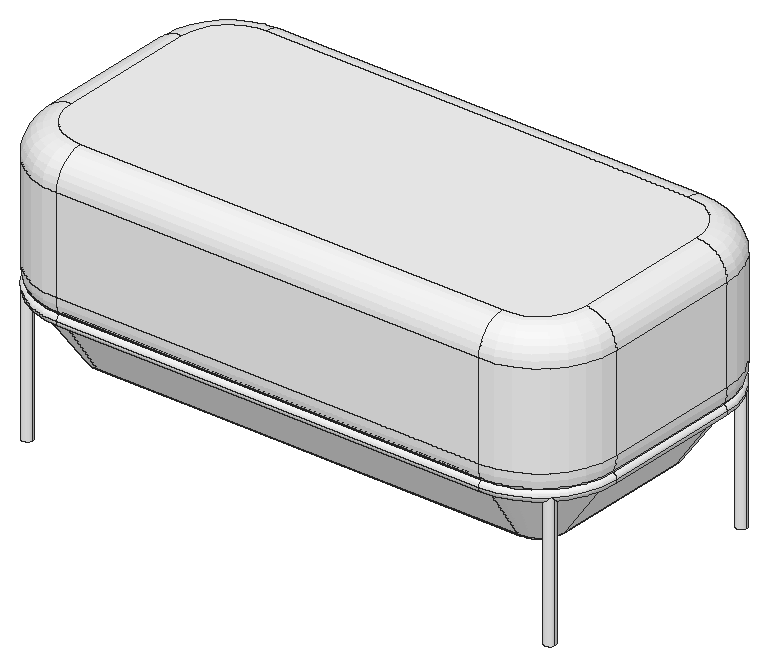
Revit family "NBS_Allermuir_DmstcChrs_Mozaik-en-us", category Furniture, Revit 2016
Family settings
  Work Plane-Based = No
  Always vertical = Yes
  Cut with Voids When Loaded = No
  Shared = No
  Room Calculation Point = No
Parameters (values of type "MZK103")
  WarrantyStartDate [instance] = "1900-12-31T23:59:59"
  WarrantyGuarantorParts = "sales@allermuir.com"
  WarrantyGuarantorLabor = "n/a"
  WarrantyDurationUnit = "year"
  WarrantyDurationParts = "10"
  WarrantyDurationLabor = "n/a"
  WarrantyDescription = "Allermuir warrant that its manufactured products are free from manufacturing defects in materials or workmanship for a period of ten years"
  Version = "1"  # constant formula
  Uniclass2015Version = "Products v1.9"
  Uniclass2015Title = "Dining chairs"
  Uniclass2015Code = "Pr_40_50_12_22"
  TagNumber [instance] = "n/a"
  SustainabilityPerformance = "n/a"
  Style = "n/a"
  Status = "UNSET"
  Size = "34 x 17.25 x 16.5\""
  Shape = "n/a"
  SerialNumber [instance] = "n/a"
  SeatsAndBacksMaterial = "n/a"
  SeatsAndBacksFinish = "Fully upholstered"
  SeatsAndBacksColour = "n/a"
  SeatingHeight = 16.5"
  SeatMaterial = NBS_Concept
  Revision = "n/a"
  ReplacementCost = "n/a"
  Reference = "n/a"
  ProductInformation = "http://www.thesenatorgroup.com/FamilyDocuments/790/Americas/Allermuir_SPEC_2017_Mozaik_US.pdf"
  OmniClassVersion = "Table 22 2012-05-16"
  OmniClassTitle = "Office Seating"
  OmniClassCode = "22-12 52 23"
  NominalWidth = NominalDepth  # 17.25"
  NominalLength = 34"
  NominalHeight = 16.5"
  NominalDepth = 17.25"
  Name = "DomesticChairs_Mozaik_MZK103-US_Allermuir"
  NBSReference = "45-35-20/365"
  NBSDescription = "Domestic chairs"
  NBSCertification = "www.nationalbimlibrary.com/cert/ioimizft"
  ModelReference = "Mozaik"
  ModelNumber = "MZK103"
  Material = "n/a"
  ManufacturerURL = "http://www.thesenatorgroup.com"
  ManufacturerName = "Allermuir"  # constant formula
  Manufacturer = "sales@allermuir.com"  # constant formula
  MainColor = "n/a"
  LowestSeatingHeight = 0"
  LegMaterial = NBS_Concept
  IsBuiltIn = no
  IntegralAccessories = "Plastic glides"
  InstallationDate [instance] = "1900-12-31T23:59:59"
  IfcExportType = "SOFA"  # constant formula
  IfcExportAs = "IfcFurnitureType"  # constant formula
  HighestSeatingHeight = 0"
  Grade = "n/a"
  FramesMaterial = "Steel"
  FramesFinish = "Powder coat"
  FramesColour = "Black"
  FrameFinishOptions = "Two tone upholstery"
  FrameColourOptions = "White, coral, pebble"
  Finish = "n/a"
  Features = "Traditional carcass construction, fully upholstred, wire frame finished in black powder coat, plastic glides, wire frame available in white, coral or pebble powder coat, two tone upholstery"
  ExpectedLife = "10"
  EnvironmentalProductDeclaration = "http://www.thesenatorgroup.com/FamilyDocuments/790/Americas/ALLERMUIR_EPA_2017_US%20VERSION_MOZAIK%20.pdf"
  DurationUnit = "year"
  Description = "Low rectangular bench"
  Constituents = "n/a"
  Color = "n/a"
  CodePerformance = "ANSI/BIFMA X5.4:2012"
  Category = "Pr_40_50_12_22:Dining chairs"
  BarCode [instance] = "n/a"
  BIMObjectName = "NBS_Allermuir_DomesticChairs_Mozaik_MZK103-US"
  Author = "NBS"  # constant formula
  AssetType = "Moveable"
  AssetIdentifier [instance] = "n/a"
  AccessibilityPerformance = "n/a"
Types (5): name | Size | SeatingHeight | NominalWidth | NominalLength | NominalHeight | NominalDepth | Name | ModelNumber | Description | BIMObjectName
  MZK101 | "17.25 x 17.25 x 16.5\"" | 16.5" | 17.25" | 17.25" | 16.5" | 17.25" | "DomesticChairs_Mozaik_MZK101-US_Allermuir" | "MZK101" | "Low square stool, small" | "NBS_Allermuir_DomesticChairs_Mozaik_MZK101-US"
  MZK201 | "17.25 x 17.25 x 23.5\"" | 23.5" | 17.25" | 17.25" | 23.5" | 17.25" | "DomesticChairs_Mozaik_MZK201-US_Allermuir" | "MZK201" | "High square stool, small" | "NBS_Allermuir_DomesticChairs_Mozaik_MZK201-US"
  MZK102 | "34 x 34 x 16.5\"" | 16.5" | 34" | 34" | 16.5" | 34" | "DomesticChairs_Mozaik_MZK102-US_Allermuir" | "MZK102" | "Low square stool, large" | "NBS_Allermuir_DomesticChairs_Mozaik_MZK102-US"
  MZK103 | "34 x 17.25 x 16.5\"" | 16.5" | 17.25" | 34" | 16.5" | 17.25" | "DomesticChairs_Mozaik_MZK103-US_Allermuir" | "MZK103" | "Low rectangular bench" | "NBS_Allermuir_DomesticChairs_Mozaik_MZK103-US"
  MZK203 | "34 x 17.25 x 23.5\"" | 23.5" | 17.25" | 34" | 23.5" | 17.25" | "DomesticChairs_Mozaik_MZK203-US_Allermuir" | "MZK203" | "High rectangular bench" | "NBS_Allermuir_DomesticChairs_Mozaik_MZK203-US"
Reference planes (in)
  plane 1 "Center (Front/Back)": y = 0
  plane 2: z = 0
  plane 3 "Center (Left/Right)": x = 0
  plane 4: y = 8.625
  plane 5: y = -8.625
  plane 6: x = 17
  plane 7: x = -17
  plane 8: z = 16.5
  plane 9 "SeatBase": z = 3.9279
  plane 10 "LegTop": z = 8.65231
  plane 11: y = 4.68799
  plane 12: x = -13.06299
  plane 13: x = 13.06299
  plane 14: y = -4.68799
  plane 15: x = -13.06299
  plane 16: x = 13.06299
  plane 17: y = -4.68799
  plane 18: y = 4.68799
  plane 19: z = 7.87402
Forms (in)
  Extrusion 1, solid, material "NBS_Concept" <- "LegMaterial"
    sketch origin (0, 0, 0) x (1, 0, 0) y (0, 1, 0)
      loop
        circle (-15.4512, 7.0762) r 0.31496
      loop
        circle (15.4512, 7.0762) r 0.31496
      loop
        circle (-15.4512, -7.0762) r 0.31496
      loop
        circle (15.4512, -7.0762) r 0.31496
    from 0 to 7.87402
  Sweep 2, solid, material "NBS_Concept" <- "SeatMaterial", detail levels coarse
    path origin (0, 0, 0) x (1, 0, 0) y (0, 1, 0)
      loop
        line (-17, 8.625) -> (-17, -8.625) -> (17, -8.625) -> (17, 8.625) -> (-17, 8.625)
    profile origin (0, 8.625, 0) x (0, 1, 0) y (0, 0, 1)
      loop
        line (0, 16.5) -> (-4.34382, 16.5) -> (-4.34382, 3.9279) -> (-3.0872, 3.9279) -> (0, 8.33689) -> (0, 16.5)
  Extrusion 3, solid, material "NBS_Concept" <- "SeatMaterial", detail levels coarse
    sketch origin (0, 0, 3.9279) x (0, -1, 0) y (1, 0, 0)
      loop
        line (-4.68799, -13.06299) -> (4.68799, -13.06299) -> (4.68799, 13.06299) -> (-4.68799, 13.06299) -> (-4.68799, -13.06299)
    from 0 to 12.5721
  Sweep 4, solid, material "NBS_Concept" <- "SeatMaterial", detail levels medium+fine
    path origin (0, 0, 0) x (1, 0, 0) y (0, 1, 0)
      loop
        line (12.47244, 8.625) -> (-12.47244, 8.625)
        arc (-12.47244, 8.625) -> (-15.67391, 7.29891) -> (-17, 4.09744) r 4.52756
        line (-17, 4.09744) -> (-17, -4.09744)
        arc (-17, -4.09744) -> (-15.67391, -7.29891) -> (-12.47244, -8.625) r 4.52756
        line (-12.47244, -8.625) -> (12.47244, -8.625)
        arc (12.47244, -8.625) -> (15.67391, -7.29891) -> (17, -4.09744) r 4.52756
        line (17, -4.09744) -> (17, 4.09744)
        arc (17, 4.09744) -> (15.67391, 7.29891) -> (12.47244, 8.625) r 4.52756
    profile origin (0, 8.625, 0) x (0, -1, 0) y (0, 0, 1)
      loop
        line (4.34397, 3.9279) -> (4.34397, 16.5) -> (1.77165, 16.5)
        arc (1.77165, 16.5) -> (0.51891, 15.98109) -> (0, 14.72835) r 1.77165
        line (0, 14.72835) -> (0, 9.15731)
        arc (0, 9.15731) -> (0.03709, 8.71953) -> (0.14731, 8.29422) r 2.60206
        arc (0.14731, 8.29422) -> (0.20746, 8.21614) -> (0.30225, 8.18872) r 0.15748
        arc (0.30225, 8.18872) -> (0.61215, 7.97831) -> (0.5017, 7.62038) r 0.31496
        line (0.5017, 7.62038) -> (2.96965, 4.09579)
        arc (2.96965, 4.09579) -> (3.11036, 3.97239) -> (3.29215, 3.9279) r 0.3937
        line (3.29215, 3.9279) -> (4.34397, 3.9279)
  Extrusion 5, solid, material "NBS_Concept" <- "SeatMaterial", detail levels medium+fine
    sketch origin (0, 0, 3.9279) x (0, -1, 0) y (1, 0, 0)
      loop
        line (-4.68799, -13.06299) -> (4.68799, -13.06299) -> (4.68799, 13.06299) -> (-4.68799, 13.06299) -> (-4.68799, -13.06299)
    from 0 to 12.5721
  Sweep 6, solid, material "NBS_Concept" <- "LegMaterial", detail levels medium+fine
    path origin (-6.79729, -60, 8.65231) x (0, -1, 0) y (1, 0, 0)
      loop
        arc (-51.375, 19.26973) -> (-52.70109, 22.4712) -> (-55.90256, 23.79729) r 4.52756
        line (-55.90256, 23.79729) -> (-64.09744, 23.79729)
        arc (-64.09744, 23.79729) -> (-67.29891, 22.4712) -> (-68.625, 19.26973) r 4.52756
        line (-68.625, 19.26973) -> (-68.625, -5.67515)
        arc (-68.625, -5.67515) -> (-67.29891, -8.87662) -> (-64.09744, -10.20271) r 4.52756
        line (-64.09744, -10.20271) -> (-55.90256, -10.20271)
        arc (-55.90256, -10.20271) -> (-52.70109, -8.87662) -> (-51.375, -5.67515) r 4.52756
        line (-51.375, -5.67515) -> (-51.375, 19.26973)
    profile origin (0, -8.625, 8.65231) x (0, -1, 0) y (0, 0, 1)
      loop
        circle (-0.31496, -0.7783) r 0.31496
Cuts and joins
  joined: Sweep 2, Extrusion 3
  joined: Sweep 4, Extrusion 5
Dimensions and locks (in)
  equal spacing: plane 7, plane 3 "Center (Left/Right)", plane 6
  "NominalLength": plane 7 to plane 6
  equal spacing: plane 5, plane 1 "Center (Front/Back)", plane 4
  "NominalDepth": plane 5 to plane 4
  "NominalHeight": plane 8 to plane 2
  locked: plane 7 to plane 12 at 3.93701
  locked: plane 11 to plane 4 at 3.93701
  locked: plane 13 to plane 6 at 3.93701
  locked: plane 5 to plane 14 at 3.93701
  locked: plane 10 "LegTop" to plane 2 at 8.65231
  locked: plane 10 "LegTop" to plane 9 "SeatBase" at 4.72441
  locked: plane 7 to plane 15 at 3.93701
  locked: plane 18 to plane 4 at 3.93701
  locked: plane 5 to plane 17 at 3.93701
  locked: plane 16 to plane 6 at 3.93701
  locked: plane 19 to level at 7.87402
  locked: plane 7 to Sweep 6 sketch curve at 4.52756  (x2)
  locked: Sweep 6 sketch curve to plane 6 at 4.52756  (x2)
  radius of Sweep 4 sketch curve = 4.52756"  (x4)
  aligned and locked: level to plane 2
  aligned and locked: Extrusion 1 to level
  aligned and locked: plane 4 to Sweep 2 sketch curve  (x2)
  aligned and locked: plane 7 to Sweep 2 sketch curve
  aligned and locked: Sweep 2 sketch curve to plane 5
  aligned and locked: Sweep 2 sketch curve to plane 6
  aligned and locked: plane 8 to Sweep 2 sketch curve
  aligned and locked: plane 9 "SeatBase" to Sweep 2 sketch curve
  aligned and locked: plane 11 to Extrusion 3 sketch curve
  aligned and locked: plane 12 to Extrusion 3 sketch curve
  aligned and locked: Extrusion 3 sketch curve to plane 14
  aligned and locked: Extrusion 3 sketch curve to plane 13
  aligned and locked: Extrusion 3 to plane 9 "SeatBase"
  aligned and locked: plane 8 to Extrusion 3
  aligned and locked: Sweep 4 sketch curve to plane 9 "SeatBase"
  aligned and locked: Sweep 4 sketch curve to plane 4
  aligned and locked: Sweep 4 sketch curve to plane 8
  aligned and locked: plane 18 to Extrusion 5 sketch curve
  aligned and locked: plane 15 to Extrusion 5 sketch curve
  aligned and locked: Extrusion 5 sketch curve to plane 17
  aligned and locked: Extrusion 5 sketch curve to plane 16
  aligned and locked: Extrusion 5 to plane 9 "SeatBase"
  aligned and locked: plane 8 to Extrusion 5
  aligned and locked: plane 5 to Sweep 6 sketch curve
  aligned and locked: plane 7 to Sweep 6 sketch curve
  aligned and locked: plane 6 to Sweep 6 sketch curve
  aligned and locked: plane 4 to Sweep 6 sketch curve
  aligned and locked: plane 19 to Extrusion 1
Automatic sketch dimensions
  Sweep 2 sketch curve to Sweep 2 sketch curve = 1.25662"
  profile plane to Sweep 2 sketch curve = 3.0872"
  Sweep 2 sketch curve to Sweep 2 sketch curve = 4.40898"
  Sweep 4 sketch curve to plane 7 = 0"
  plane 4 to Sweep 4 sketch curve = 0"
  plane 5 to Sweep 4 sketch curve = 0"
  Sweep 4 sketch curve to plane 6 = 0"
  profile plane to Sweep 6 sketch curve = 0.31496"
  plane 10 "LegTop" to Sweep 6 sketch curve = 0.7783"
  plane 7 to Extrusion 1 sketch curve = 1.5488"  (x2)
  Extrusion 1 sketch curve to plane 6 = 1.5488"  (x2)
  Extrusion 1 sketch curve to plane 5 = 1.5488"  (x2)
  plane 4 to Extrusion 1 sketch curve = 1.5488"  (x2)
  Sweep 4 sketch curve to profile plane = 0.29588"
  Sweep 4 sketch curve to profile plane = 0.31496"
  Sweep 4 sketch curve to Sweep 4 sketch curve = 0.18674"
  Sweep 4 sketch curve to profile plane = 1.77165"
  Sweep 4 sketch curve to profile plane = 2.96965"
  Sweep 4 sketch curve to Sweep 4 sketch curve = 0.3225"
  Sweep 4 sketch curve to Sweep 4 sketch curve = 2.57232"
  Sweep 4 sketch curve to Sweep 4 sketch curve = 0.16788"
  Sweep 4 sketch curve to Sweep 4 sketch curve = 3.5246"
  Sweep 4 sketch curve to Sweep 4 sketch curve = 0.25363"
  Sweep 4 sketch curve to profile plane = 0.14731"
  Sweep 4 sketch curve to Sweep 4 sketch curve = 0"
  Sweep 4 sketch curve to Sweep 4 sketch curve = 2.30619"
  Sweep 4 sketch curve to Sweep 4 sketch curve = 0.47244"
  Sweep 4 sketch curve to Sweep 4 sketch curve = 0.00636"
  Sweep 4 sketch curve to Sweep 4 sketch curve = 0.00002"
  radius of Sweep 6 sketch curve = 0.31496"
  radius of Extrusion 1 sketch curve = 0.31496"  (x4)
